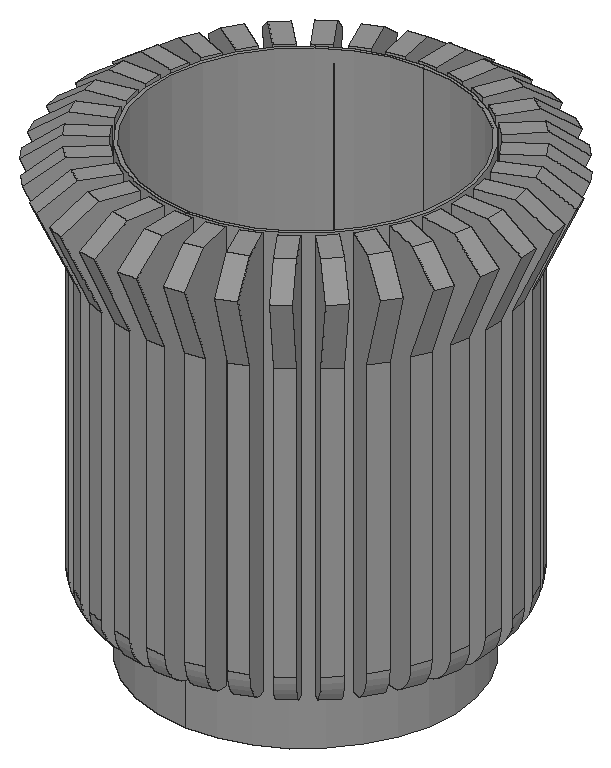
Revit family "12488 Цветочница деревянная «Колокол» Хоббика", category Антураж, Revit 2018
Family settings
  На основе рабочей плоскости = Нет
  Всегда вертикально = Да
  При загрузке вырезать с полостями = Нет
  Источник визуального образа = Геометрия семейства
  Общий = Нет
  Точка расчета площади = Нет
Parameters (values of type "Цветочница деревянная «Колокол»")
  Ширина = Диаметр  # 735 mm
  Цвет отделки = Дерево
  Описание = "Цветочница деревянная «Колокол»"  # constant formula
  Материал изделия = "Сталь, дерево, съемная оцинкованная вставка"  # constant formula
  Изображение типоразмера = Цветочница деревянная «Колокол» Арт 12488.jpg
  Изготовитель = "ООО «Хоббика»"  # constant formula
  Длина = Диаметр  # 735 mm
  Диаметр = 735 mm  # constant formula
  Группа модели = "Цветочницы и уличные вазоны для цветов"  # constant formula
  Высота = 760 mm  # constant formula
  Артикул товара = "Арт. 12488"  # constant formula
  URL = "https://hobbyka.ru/product/tsvetochnitsa_derevyanaya_kolokol"
Reference planes
  plane 1 "По центру (Вперед/Назад)": y = 0
  plane 2: z = 0
  plane 3 "По центру (Влево/Вправо)": x = 0
  plane 4: y = 735
  plane 5: x = 735
  plane 6: z = 760
Forms (mm)
  Extrusion 1, solid, material "Дерево" <- "Цвет отделки"
    sketch origin (0, 0, 0) x (0, 1, 0) y (0, 0, 1)
      loop
        line (55, 760) -> (0, 721.489) -> (59.167, 594.605) -> (59.167, 139.605)
        arc (59.167, 139.605) -> (75.735, 99.605) -> (115.735, 83.037) r 56.569
        line (115.735, 83.037) -> (115.735, 760) -> (55, 760)
    from 352.5 to 382.5
  Extrusion 2, solid, material "Дерево" <- "Цвет отделки"
    sketch origin (0, 735, 0) x (0, -1, 0) y (0, 0, -1)
      loop
        line (55, -760) -> (115.735, -760) -> (115.735, -83.037)
        arc (115.735, -83.037) -> (75.735, -99.605) -> (59.167, -139.605) r 56.569
        line (59.167, -139.605) -> (59.167, -594.605) -> (0, -721.489) -> (55, -760)
    from 352.5 to 382.5
  Extrusion 3, solid, material "Дерево" <- "Цвет отделки"
    sketch origin (735, 0, 0) x (-1, 0, 0) y (0, 0, 1)
      loop
        line (55, 760) -> (0, 721.489) -> (59.167, 594.605) -> (59.167, 139.605)
        arc (59.167, 139.605) -> (75.735, 99.605) -> (115.735, 83.037) r 56.569
        line (115.735, 83.037) -> (115.735, 760) -> (55, 760)
    from 352.5 to 382.5
  Extrusion 4, solid, material "Дерево" <- "Цвет отделки"
    sketch origin (0, 0, 0) x (1, 0, 0) y (0, 0, -1)
      loop
        line (55, -760) -> (115.735, -760) -> (115.735, -83.037)
        arc (115.735, -83.037) -> (75.735, -99.605) -> (59.167, -139.605) r 56.569
        line (59.167, -139.605) -> (59.167, -594.605) -> (0, -721.489) -> (55, -760)
    from 352.5 to 382.5
  Extrusion 5, solid, material "Дерево" <- "Цвет отделки"
    sketch origin (367.5, -152.223, 0) x (-0.707107, 0.707107, 0) y (0, 0, 1)
      loop
        line (55, 760) -> (0, 721.489) -> (59.167, 594.605) -> (59.167, 139.605)
        arc (59.167, 139.605) -> (75.735, 99.605) -> (115.735, 83.037) r 56.569
        line (115.735, 83.037) -> (115.735, 760) -> (55, 760)
    from 352.5 to 382.5
  Extrusion 6, solid, material "Дерево" <- "Цвет отделки"
    sketch origin (-152.223, 367.5, 0) x (0.707107, -0.707107, 0) y (0, 0, -1)
      loop
        line (55, -760) -> (115.735, -760) -> (115.735, -83.037)
        arc (115.735, -83.037) -> (75.735, -99.605) -> (59.167, -139.605) r 56.569
        line (59.167, -139.605) -> (59.167, -594.605) -> (0, -721.489) -> (55, -760)
    from 352.5 to 382.5
  Extrusion 7, solid, material "Дерево" <- "Цвет отделки"
    sketch origin (887.223, 367.5, 0) x (-0.707107, -0.707107, 0) y (0, 0, 1)
      loop
        line (55, 760) -> (0, 721.489) -> (59.167, 594.605) -> (59.167, 139.605)
        arc (59.167, 139.605) -> (75.735, 99.605) -> (115.735, 83.037) r 56.569
        line (115.735, 83.037) -> (115.735, 760) -> (55, 760)
    from 352.5 to 382.5
  Extrusion 8, solid, material "Дерево" <- "Цвет отделки"
    sketch origin (367.5, -152.223, 0) x (0.707107, 0.707107, 0) y (0, 0, -1)
      loop
        line (55, -760) -> (115.735, -760) -> (115.735, -83.037)
        arc (115.735, -83.037) -> (75.735, -99.605) -> (59.167, -139.605) r 56.569
        line (59.167, -139.605) -> (59.167, -594.605) -> (0, -721.489) -> (55, -760)
    from 352.5 to 382.5
  Extrusion 9, solid, material "Дерево" <- "Цвет отделки"
    sketch origin (168.61, -112.662, 0) x (-0.382683, 0.92388, 0) y (0, 0, 1)
      loop
        line (55, 760) -> (0, 721.489) -> (59.167, 594.605) -> (59.167, 139.605)
        arc (59.167, 139.605) -> (75.735, 99.605) -> (115.735, 83.037) r 56.569
        line (115.735, 83.037) -> (115.735, 760) -> (55, 760)
    from 352.5 to 382.5
  Extrusion 10, solid, material "Дерево" <- "Цвет отделки"
    sketch origin (-112.662, 566.39, 0) x (0.382683, -0.92388, 0) y (0, 0, -1)
      loop
        line (55, -760) -> (115.735, -760) -> (115.735, -83.037)
        arc (115.735, -83.037) -> (75.735, -99.605) -> (59.167, -139.605) r 56.569
        line (59.167, -139.605) -> (59.167, -594.605) -> (0, -721.489) -> (55, -760)
    from 352.5 to 382.5
  Extrusion 11, solid, material "Дерево" <- "Цвет отделки"
    sketch origin (847.662, 168.61, 0) x (-0.92388, -0.382683, 0) y (0, 0, 1)
      loop
        line (55, 760) -> (0, 721.489) -> (59.167, 594.605) -> (59.167, 139.605)
        arc (59.167, 139.605) -> (75.735, 99.605) -> (115.735, 83.037) r 56.569
        line (115.735, 83.037) -> (115.735, 760) -> (55, 760)
    from 352.5 to 382.5
  Extrusion 12, solid, material "Дерево" <- "Цвет отделки"
    sketch origin (168.61, -112.662, 0) x (0.92388, 0.382683, 0) y (0, 0, -1)
      loop
        line (55, -760) -> (115.735, -760) -> (115.735, -83.037)
        arc (115.735, -83.037) -> (75.735, -99.605) -> (59.167, -139.605) r 56.569
        line (59.167, -139.605) -> (59.167, -594.605) -> (0, -721.489) -> (55, -760)
    from 352.5 to 382.5
  Extrusion 13, solid, material "Дерево" <- "Цвет отделки"
    sketch origin (566.39, -112.662, 0) x (-0.92388, 0.382683, 0) y (0, 0, 1)
      loop
        line (55, 760) -> (0, 721.489) -> (59.167, 594.605) -> (59.167, 139.605)
        arc (59.167, 139.605) -> (75.735, 99.605) -> (115.735, 83.037) r 56.569
        line (115.735, 83.037) -> (115.735, 760) -> (55, 760)
    from 352.5 to 382.5
  Extrusion 14, solid, material "Дерево" <- "Цвет отделки"
    sketch origin (-112.662, 168.61, 0) x (0.92388, -0.382683, 0) y (0, 0, -1)
      loop
        line (55, -760) -> (115.735, -760) -> (115.735, -83.037)
        arc (115.735, -83.037) -> (75.735, -99.605) -> (59.167, -139.605) r 56.569
        line (59.167, -139.605) -> (59.167, -594.605) -> (0, -721.489) -> (55, -760)
    from 352.5 to 382.5
  Extrusion 15, solid, material "Дерево" <- "Цвет отделки"
    sketch origin (847.662, 566.39, 0) x (-0.382683, -0.92388, 0) y (0, 0, 1)
      loop
        line (55, 760) -> (0, 721.489) -> (59.167, 594.605) -> (59.167, 139.605)
        arc (59.167, 139.605) -> (75.735, 99.605) -> (115.735, 83.037) r 56.569
        line (115.735, 83.037) -> (115.735, 760) -> (55, 760)
    from 352.5 to 382.5
  Extrusion 16, solid, material "Дерево" <- "Цвет отделки"
    sketch origin (566.39, -112.662, 0) x (0.382683, 0.92388, 0) y (0, 0, -1)
      loop
        line (55, -760) -> (115.735, -760) -> (115.735, -83.037)
        arc (115.735, -83.037) -> (75.735, -99.605) -> (59.167, -139.605) r 56.569
        line (59.167, -139.605) -> (59.167, -594.605) -> (0, -721.489) -> (55, -760)
    from 352.5 to 382.5
  Extrusion 17, solid, material "Дерево" <- "Цвет отделки"
    sketch origin (78.757, -64.634, 0) x (-0.19509, 0.980785, 0) y (0, 0, 1)
      loop
        line (55, 760) -> (0, 721.489) -> (59.167, 594.605) -> (59.167, 139.605)
        arc (59.167, 139.605) -> (75.735, 99.605) -> (115.735, 83.037) r 56.569
        line (115.735, 83.037) -> (115.735, 760) -> (55, 760)
    from 352.5 to 382.5
  Extrusion 18, solid, material "Дерево" <- "Цвет отделки"
    sketch origin (-64.634, 656.243, 0) x (0.19509, -0.980785, 0) y (0, 0, -1)
      loop
        line (55, -760) -> (115.735, -760) -> (115.735, -83.037)
        arc (115.735, -83.037) -> (75.735, -99.605) -> (59.167, -139.605) r 56.569
        line (59.167, -139.605) -> (59.167, -594.605) -> (0, -721.489) -> (55, -760)
    from 352.5 to 382.5
  Extrusion 19, solid, material "Дерево" <- "Цвет отделки"
    sketch origin (799.634, 78.757, 0) x (-0.980785, -0.19509, 0) y (0, 0, 1)
      loop
        line (55, 760) -> (0, 721.489) -> (59.167, 594.605) -> (59.167, 139.605)
        arc (59.167, 139.605) -> (75.735, 99.605) -> (115.735, 83.037) r 56.569
        line (115.735, 83.037) -> (115.735, 760) -> (55, 760)
    from 352.5 to 382.5
  Extrusion 20, solid, material "Дерево" <- "Цвет отделки"
    sketch origin (78.757, -64.634, 0) x (0.980785, 0.19509, 0) y (0, 0, -1)
      loop
        line (55, -760) -> (115.735, -760) -> (115.735, -83.037)
        arc (115.735, -83.037) -> (75.735, -99.605) -> (59.167, -139.605) r 56.569
        line (59.167, -139.605) -> (59.167, -594.605) -> (0, -721.489) -> (55, -760)
    from 352.5 to 382.5
  Extrusion 21, solid, material "Дерево" <- "Цвет отделки"
    sketch origin (468.893, -142.237, 0) x (-0.83147, 0.55557, 0) y (0, 0, 1)
      loop
        line (55, 760) -> (0, 721.489) -> (59.167, 594.605) -> (59.167, 139.605)
        arc (59.167, 139.605) -> (75.735, 99.605) -> (115.735, 83.037) r 56.569
        line (115.735, 83.037) -> (115.735, 760) -> (55, 760)
    from 352.5 to 382.5
  Extrusion 22, solid, material "Дерево" <- "Цвет отделки"
    sketch origin (-142.237, 266.107, 0) x (0.83147, -0.55557, 0) y (0, 0, -1)
      loop
        line (55, -760) -> (115.735, -760) -> (115.735, -83.037)
        arc (115.735, -83.037) -> (75.735, -99.605) -> (59.167, -139.605) r 56.569
        line (59.167, -139.605) -> (59.167, -594.605) -> (0, -721.489) -> (55, -760)
    from 352.5 to 382.5
  Extrusion 23, solid, material "Дерево" <- "Цвет отделки"
    sketch origin (877.237, 468.893, 0) x (-0.55557, -0.83147, 0) y (0, 0, 1)
      loop
        line (55, 760) -> (0, 721.489) -> (59.167, 594.605) -> (59.167, 139.605)
        arc (59.167, 139.605) -> (75.735, 99.605) -> (115.735, 83.037) r 56.569
        line (115.735, 83.037) -> (115.735, 760) -> (55, 760)
    from 352.5 to 382.5
  Extrusion 24, solid, material "Дерево" <- "Цвет отделки"
    sketch origin (468.893, -142.237, 0) x (0.55557, 0.83147, 0) y (0, 0, -1)
      loop
        line (55, -760) -> (115.735, -760) -> (115.735, -83.037)
        arc (115.735, -83.037) -> (75.735, -99.605) -> (59.167, -139.605) r 56.569
        line (59.167, -139.605) -> (59.167, -594.605) -> (0, -721.489) -> (55, -760)
    from 352.5 to 382.5
  Extrusion 25, solid, material "Дерево" <- "Цвет отделки"
    sketch origin (266.107, -142.237, 0) x (-0.55557, 0.83147, 0) y (0, 0, 1)
      loop
        line (55, 760) -> (0, 721.489) -> (59.167, 594.605) -> (59.167, 139.605)
        arc (59.167, 139.605) -> (75.735, 99.605) -> (115.735, 83.037) r 56.569
        line (115.735, 83.037) -> (115.735, 760) -> (55, 760)
    from 352.5 to 382.5
  Extrusion 26, solid, material "Дерево" <- "Цвет отделки"
    sketch origin (-142.237, 468.893, 0) x (0.55557, -0.83147, 0) y (0, 0, -1)
      loop
        line (55, -760) -> (115.735, -760) -> (115.735, -83.037)
        arc (115.735, -83.037) -> (75.735, -99.605) -> (59.167, -139.605) r 56.569
        line (59.167, -139.605) -> (59.167, -594.605) -> (0, -721.489) -> (55, -760)
    from 352.5 to 382.5
  Extrusion 27, solid, material "Дерево" <- "Цвет отделки"
    sketch origin (877.237, 266.107, 0) x (-0.83147, -0.55557, 0) y (0, 0, 1)
      loop
        line (55, 760) -> (0, 721.489) -> (59.167, 594.605) -> (59.167, 139.605)
        arc (59.167, 139.605) -> (75.735, 99.605) -> (115.735, 83.037) r 56.569
        line (115.735, 83.037) -> (115.735, 760) -> (55, 760)
    from 352.5 to 382.5
  Extrusion 28, solid, material "Дерево" <- "Цвет отделки"
    sketch origin (266.107, -142.237, 0) x (0.83147, 0.55557, 0) y (0, 0, -1)
      loop
        line (55, -760) -> (115.735, -760) -> (115.735, -83.037)
        arc (115.735, -83.037) -> (75.735, -99.605) -> (59.167, -139.605) r 56.569
        line (59.167, -139.605) -> (59.167, -594.605) -> (0, -721.489) -> (55, -760)
    from 352.5 to 382.5
  Extrusion 29, solid, material "Дерево" <- "Цвет отделки"
    sketch origin (656.243, -64.634, 0) x (-0.980785, 0.19509, 0) y (0, 0, 1)
      loop
        line (55, 760) -> (0, 721.489) -> (59.167, 594.605) -> (59.167, 139.605)
        arc (59.167, 139.605) -> (75.735, 99.605) -> (115.735, 83.037) r 56.569
        line (115.735, 83.037) -> (115.735, 760) -> (55, 760)
    from 352.5 to 382.5
  Extrusion 30, solid, material "Дерево" <- "Цвет отделки"
    sketch origin (-64.634, 78.757, 0) x (0.980785, -0.19509, 0) y (0, 0, -1)
      loop
        line (55, -760) -> (115.735, -760) -> (115.735, -83.037)
        arc (115.735, -83.037) -> (75.735, -99.605) -> (59.167, -139.605) r 56.569
        line (59.167, -139.605) -> (59.167, -594.605) -> (0, -721.489) -> (55, -760)
    from 352.5 to 382.5
  Extrusion 31, solid, material "Дерево" <- "Цвет отделки"
    sketch origin (799.634, 656.243, 0) x (-0.19509, -0.980785, 0) y (0, 0, 1)
      loop
        line (55, 760) -> (0, 721.489) -> (59.167, 594.605) -> (59.167, 139.605)
        arc (59.167, 139.605) -> (75.735, 99.605) -> (115.735, 83.037) r 56.569
        line (115.735, 83.037) -> (115.735, 760) -> (55, 760)
    from 352.5 to 382.5
  Extrusion 32, solid, material "Дерево" <- "Цвет отделки"
    sketch origin (656.243, -64.634, 0) x (0.19509, 0.980785, 0) y (0, 0, -1)
      loop
        line (55, -760) -> (115.735, -760) -> (115.735, -83.037)
        arc (115.735, -83.037) -> (75.735, -99.605) -> (59.167, -139.605) r 56.569
        line (59.167, -139.605) -> (59.167, -594.605) -> (0, -721.489) -> (55, -760)
    from 352.5 to 382.5
  Revolve 33, solid, material "Сталь"
    sketch origin (367.5, 0, 0) x (0, 1, 0) y (0, 0, 1)
      loop
        line (367.5, 0) -> (367.5, 5) -> (125.735, 5) -> (125.735, 760) -> (120.735, 760) -> (120.735, 0) -> (367.5, 0)
      axis (367.5, 760) -> (367.5, 0)
    angle from 0 to 360
Lines and regions (mm)
  reference lines
    curve 1: circle (367.5, 367.5, 0) r 367.5 normal (0, 0, 1)
Dimensions and locks
  "Длина": plane 3 "По центру (Влево/Вправо)" to plane 5
  "Ширина": plane 4 to plane 1 "По центру (Вперед/Назад)"
  "Высота": plane 6 to plane 2
  "Диаметр": diameter of curve 1
  aligned and locked: level to plane 2
Automatic sketch dimensions
  Extrusion 1 sketch curve to plane 1 "По центру (Вперед/Назад)" = 0 mm
  Extrusion 1 sketch curve to plane 6 = 0 mm
  Extrusion 1 sketch curve to plane 1 "По центру (Вперед/Назад)" = 55 mm
  Extrusion 1 sketch curve to plane 1 "По центру (Вперед/Назад)" = 59.167 mm
  Extrusion 1 sketch curve to Extrusion 1 sketch curve = 56.569 mm
  Extrusion 1 sketch curve to plane 6 = 38.511 mm
  Extrusion 1 sketch curve to Extrusion 1 sketch curve = 126.883 mm
  level to Extrusion 1 sketch curve = 139.605 mm
  Extrusion 2 sketch curve to plane 4 = 0 mm
  Extrusion 2 sketch curve to plane 6 = 0 mm
  plane 4 to Extrusion 2 sketch curve = 55 mm
  plane 4 to Extrusion 2 sketch curve = 59.167 mm
  Extrusion 2 sketch curve to Extrusion 2 sketch curve = 56.569 mm
  plane 6 to Extrusion 2 sketch curve = 38.511 mm
  Extrusion 2 sketch curve to Extrusion 2 sketch curve = 126.883 mm
  Extrusion 2 sketch curve to level = 139.605 mm
  Extrusion 3 sketch curve to plane 5 = 0 mm
  Extrusion 3 sketch curve to plane 6 = 0 mm
  Extrusion 3 sketch curve to plane 5 = 55 mm
  Extrusion 3 sketch curve to plane 5 = 59.167 mm
  Extrusion 3 sketch curve to Extrusion 3 sketch curve = 56.569 mm
  Extrusion 3 sketch curve to plane 6 = 38.511 mm
  Extrusion 3 sketch curve to Extrusion 3 sketch curve = 126.883 mm
  level to Extrusion 3 sketch curve = 139.605 mm
  Extrusion 4 sketch curve to plane 3 "По центру (Влево/Вправо)" = 0 mm
  Extrusion 4 sketch curve to plane 6 = 0 mm
  plane 3 "По центру (Влево/Вправо)" to Extrusion 4 sketch curve = 55 mm
  plane 3 "По центру (Влево/Вправо)" to Extrusion 4 sketch curve = 59.167 mm
  Extrusion 4 sketch curve to Extrusion 4 sketch curve = 56.569 mm
  Extrusion 4 sketch curve to plane 6 = 38.511 mm
  Extrusion 4 sketch curve to Extrusion 4 sketch curve = 126.883 mm
  level to Extrusion 4 sketch curve = 139.605 mm
  plane 6 to Extrusion 5 sketch curve = 0 mm
  Extrusion 5 sketch curve to plane 6 = 38.511 mm
  Extrusion 5 sketch curve to Extrusion 5 sketch curve = 55 mm
  level to Extrusion 5 sketch curve = 139.605 mm
  Extrusion 5 sketch curve to Extrusion 5 sketch curve = 59.167 mm
  Extrusion 5 sketch curve to Extrusion 5 sketch curve = 56.569 mm
  Extrusion 5 sketch curve to Extrusion 5 sketch curve = 126.883 mm
  plane 6 to Extrusion 6 sketch curve = 0 mm
  Extrusion 6 sketch curve to plane 6 = 38.511 mm
  Extrusion 6 sketch curve to Extrusion 6 sketch curve = 55 mm
  level to Extrusion 6 sketch curve = 139.605 mm
  Extrusion 6 sketch curve to Extrusion 6 sketch curve = 59.167 mm
  Extrusion 6 sketch curve to Extrusion 6 sketch curve = 56.569 mm
  Extrusion 6 sketch curve to Extrusion 6 sketch curve = 126.883 mm
  plane 6 to Extrusion 7 sketch curve = 0 mm
  Extrusion 7 sketch curve to plane 6 = 38.511 mm
  Extrusion 7 sketch curve to Extrusion 7 sketch curve = 55 mm
  level to Extrusion 7 sketch curve = 139.605 mm
  Extrusion 7 sketch curve to Extrusion 7 sketch curve = 59.167 mm
  Extrusion 7 sketch curve to Extrusion 7 sketch curve = 56.569 mm
  Extrusion 7 sketch curve to Extrusion 7 sketch curve = 126.883 mm
  plane 6 to Extrusion 8 sketch curve = 0 mm
  Extrusion 8 sketch curve to plane 6 = 38.511 mm
  Extrusion 8 sketch curve to Extrusion 8 sketch curve = 55 mm
  level to Extrusion 8 sketch curve = 139.605 mm
  Extrusion 8 sketch curve to Extrusion 8 sketch curve = 59.167 mm
  Extrusion 8 sketch curve to Extrusion 8 sketch curve = 56.569 mm
  Extrusion 8 sketch curve to Extrusion 8 sketch curve = 126.883 mm
  plane 6 to Extrusion 9 sketch curve = 0 mm
  Extrusion 9 sketch curve to plane 6 = 38.511 mm
  Extrusion 9 sketch curve to Extrusion 9 sketch curve = 55 mm
  level to Extrusion 9 sketch curve = 139.605 mm
  Extrusion 9 sketch curve to Extrusion 9 sketch curve = 59.167 mm
  Extrusion 9 sketch curve to Extrusion 9 sketch curve = 56.569 mm
  Extrusion 9 sketch curve to Extrusion 9 sketch curve = 126.883 mm
  plane 6 to Extrusion 10 sketch curve = 0 mm
  Extrusion 10 sketch curve to plane 6 = 38.511 mm
  Extrusion 10 sketch curve to Extrusion 10 sketch curve = 55 mm
  level to Extrusion 10 sketch curve = 139.605 mm
  Extrusion 10 sketch curve to Extrusion 10 sketch curve = 59.167 mm
  Extrusion 10 sketch curve to Extrusion 10 sketch curve = 56.569 mm
  Extrusion 10 sketch curve to Extrusion 10 sketch curve = 126.883 mm
  plane 6 to Extrusion 11 sketch curve = 0 mm
  Extrusion 11 sketch curve to plane 6 = 38.511 mm
  Extrusion 11 sketch curve to Extrusion 11 sketch curve = 55 mm
  level to Extrusion 11 sketch curve = 139.605 mm
  Extrusion 11 sketch curve to Extrusion 11 sketch curve = 59.167 mm
  Extrusion 11 sketch curve to Extrusion 11 sketch curve = 56.569 mm
  Extrusion 11 sketch curve to Extrusion 11 sketch curve = 126.883 mm
  plane 6 to Extrusion 12 sketch curve = 0 mm
  Extrusion 12 sketch curve to plane 6 = 38.511 mm
  Extrusion 12 sketch curve to Extrusion 12 sketch curve = 55 mm
  level to Extrusion 12 sketch curve = 139.605 mm
  Extrusion 12 sketch curve to Extrusion 12 sketch curve = 59.167 mm
  Extrusion 12 sketch curve to Extrusion 12 sketch curve = 56.569 mm
  Extrusion 12 sketch curve to Extrusion 12 sketch curve = 126.883 mm
  plane 6 to Extrusion 13 sketch curve = 0 mm
  Extrusion 13 sketch curve to plane 6 = 38.511 mm
  Extrusion 13 sketch curve to Extrusion 13 sketch curve = 55 mm
  level to Extrusion 13 sketch curve = 139.605 mm
  Extrusion 13 sketch curve to Extrusion 13 sketch curve = 59.167 mm
  Extrusion 13 sketch curve to Extrusion 13 sketch curve = 56.569 mm
  Extrusion 13 sketch curve to Extrusion 13 sketch curve = 126.883 mm
  plane 6 to Extrusion 14 sketch curve = 0 mm
  Extrusion 14 sketch curve to plane 6 = 38.511 mm
  Extrusion 14 sketch curve to Extrusion 14 sketch curve = 55 mm
  level to Extrusion 14 sketch curve = 139.605 mm
  Extrusion 14 sketch curve to Extrusion 14 sketch curve = 59.167 mm
  Extrusion 14 sketch curve to Extrusion 14 sketch curve = 56.569 mm
  Extrusion 14 sketch curve to Extrusion 14 sketch curve = 126.883 mm
  plane 6 to Extrusion 15 sketch curve = 0 mm
  Extrusion 15 sketch curve to plane 6 = 38.511 mm
  Extrusion 15 sketch curve to Extrusion 15 sketch curve = 55 mm
  level to Extrusion 15 sketch curve = 139.605 mm
  Extrusion 15 sketch curve to Extrusion 15 sketch curve = 59.167 mm
  Extrusion 15 sketch curve to Extrusion 15 sketch curve = 56.569 mm
  Extrusion 15 sketch curve to Extrusion 15 sketch curve = 126.883 mm
  plane 6 to Extrusion 16 sketch curve = 0 mm
  Extrusion 16 sketch curve to plane 6 = 38.511 mm
  Extrusion 16 sketch curve to Extrusion 16 sketch curve = 55 mm
  level to Extrusion 16 sketch curve = 139.605 mm
  Extrusion 16 sketch curve to Extrusion 16 sketch curve = 59.167 mm
  Extrusion 16 sketch curve to Extrusion 16 sketch curve = 56.569 mm
  Extrusion 16 sketch curve to Extrusion 16 sketch curve = 126.883 mm
  plane 6 to Extrusion 17 sketch curve = 0 mm
  Extrusion 17 sketch curve to plane 6 = 38.511 mm
  Extrusion 17 sketch curve to Extrusion 17 sketch curve = 55 mm
  level to Extrusion 17 sketch curve = 139.605 mm
  Extrusion 17 sketch curve to Extrusion 17 sketch curve = 59.167 mm
  Extrusion 17 sketch curve to Extrusion 17 sketch curve = 56.569 mm
  Extrusion 17 sketch curve to Extrusion 17 sketch curve = 126.883 mm
  plane 6 to Extrusion 18 sketch curve = 0 mm
  Extrusion 18 sketch curve to plane 6 = 38.511 mm
  Extrusion 18 sketch curve to Extrusion 18 sketch curve = 55 mm
  level to Extrusion 18 sketch curve = 139.605 mm
  Extrusion 18 sketch curve to Extrusion 18 sketch curve = 59.167 mm
  Extrusion 18 sketch curve to Extrusion 18 sketch curve = 56.569 mm
  Extrusion 18 sketch curve to Extrusion 18 sketch curve = 126.883 mm
  plane 6 to Extrusion 19 sketch curve = 0 mm
  Extrusion 19 sketch curve to plane 6 = 38.511 mm
  Extrusion 19 sketch curve to Extrusion 19 sketch curve = 55 mm
  level to Extrusion 19 sketch curve = 139.605 mm
  Extrusion 19 sketch curve to Extrusion 19 sketch curve = 59.167 mm
  Extrusion 19 sketch curve to Extrusion 19 sketch curve = 56.569 mm
  Extrusion 19 sketch curve to Extrusion 19 sketch curve = 126.883 mm
  plane 6 to Extrusion 20 sketch curve = 0 mm
  Extrusion 20 sketch curve to plane 6 = 38.511 mm
  Extrusion 20 sketch curve to Extrusion 20 sketch curve = 55 mm
  level to Extrusion 20 sketch curve = 139.605 mm
  Extrusion 20 sketch curve to Extrusion 20 sketch curve = 59.167 mm
  Extrusion 20 sketch curve to Extrusion 20 sketch curve = 56.569 mm
  Extrusion 20 sketch curve to Extrusion 20 sketch curve = 126.883 mm
  plane 6 to Extrusion 21 sketch curve = 0 mm
  Extrusion 21 sketch curve to plane 6 = 38.511 mm
  Extrusion 21 sketch curve to Extrusion 21 sketch curve = 55 mm
  level to Extrusion 21 sketch curve = 139.605 mm
  Extrusion 21 sketch curve to Extrusion 21 sketch curve = 59.167 mm
  Extrusion 21 sketch curve to Extrusion 21 sketch curve = 56.569 mm
  Extrusion 21 sketch curve to Extrusion 21 sketch curve = 126.883 mm
  plane 6 to Extrusion 22 sketch curve = 0 mm
  Extrusion 22 sketch curve to plane 6 = 38.511 mm
  Extrusion 22 sketch curve to Extrusion 22 sketch curve = 55 mm
  level to Extrusion 22 sketch curve = 139.605 mm
  Extrusion 22 sketch curve to Extrusion 22 sketch curve = 59.167 mm
  Extrusion 22 sketch curve to Extrusion 22 sketch curve = 56.569 mm
  Extrusion 22 sketch curve to Extrusion 22 sketch curve = 126.883 mm
  plane 6 to Extrusion 23 sketch curve = 0 mm
  Extrusion 23 sketch curve to plane 6 = 38.511 mm
  Extrusion 23 sketch curve to Extrusion 23 sketch curve = 55 mm
  level to Extrusion 23 sketch curve = 139.605 mm
  Extrusion 23 sketch curve to Extrusion 23 sketch curve = 59.167 mm
  Extrusion 23 sketch curve to Extrusion 23 sketch curve = 56.569 mm
  Extrusion 23 sketch curve to Extrusion 23 sketch curve = 126.883 mm
  plane 6 to Extrusion 24 sketch curve = 0 mm
  Extrusion 24 sketch curve to plane 6 = 38.511 mm
  Extrusion 24 sketch curve to Extrusion 24 sketch curve = 55 mm
  level to Extrusion 24 sketch curve = 139.605 mm
  Extrusion 24 sketch curve to Extrusion 24 sketch curve = 59.167 mm
  Extrusion 24 sketch curve to Extrusion 24 sketch curve = 56.569 mm
  Extrusion 24 sketch curve to Extrusion 24 sketch curve = 126.883 mm
  plane 6 to Extrusion 25 sketch curve = 0 mm
  Extrusion 25 sketch curve to plane 6 = 38.511 mm
  Extrusion 25 sketch curve to Extrusion 25 sketch curve = 55 mm
  level to Extrusion 25 sketch curve = 139.605 mm
  Extrusion 25 sketch curve to Extrusion 25 sketch curve = 59.167 mm
  Extrusion 25 sketch curve to Extrusion 25 sketch curve = 56.569 mm
  Extrusion 25 sketch curve to Extrusion 25 sketch curve = 126.883 mm
  plane 6 to Extrusion 26 sketch curve = 0 mm
  Extrusion 26 sketch curve to plane 6 = 38.511 mm
  Extrusion 26 sketch curve to Extrusion 26 sketch curve = 55 mm
  level to Extrusion 26 sketch curve = 139.605 mm
  Extrusion 26 sketch curve to Extrusion 26 sketch curve = 59.167 mm
  Extrusion 26 sketch curve to Extrusion 26 sketch curve = 56.569 mm
  Extrusion 26 sketch curve to Extrusion 26 sketch curve = 126.883 mm
  plane 6 to Extrusion 27 sketch curve = 0 mm
  Extrusion 27 sketch curve to plane 6 = 38.511 mm
  Extrusion 27 sketch curve to Extrusion 27 sketch curve = 55 mm
  level to Extrusion 27 sketch curve = 139.605 mm
  Extrusion 27 sketch curve to Extrusion 27 sketch curve = 59.167 mm
  Extrusion 27 sketch curve to Extrusion 27 sketch curve = 56.569 mm
  Extrusion 27 sketch curve to Extrusion 27 sketch curve = 126.883 mm
  plane 6 to Extrusion 28 sketch curve = 0 mm
  Extrusion 28 sketch curve to plane 6 = 38.511 mm
  Extrusion 28 sketch curve to Extrusion 28 sketch curve = 55 mm
  level to Extrusion 28 sketch curve = 139.605 mm
  Extrusion 28 sketch curve to Extrusion 28 sketch curve = 59.167 mm
  Extrusion 28 sketch curve to Extrusion 28 sketch curve = 56.569 mm
  Extrusion 28 sketch curve to Extrusion 28 sketch curve = 126.883 mm
  plane 6 to Extrusion 29 sketch curve = 0 mm
  Extrusion 29 sketch curve to plane 6 = 38.511 mm
  Extrusion 29 sketch curve to Extrusion 29 sketch curve = 55 mm
  level to Extrusion 29 sketch curve = 139.605 mm
  Extrusion 29 sketch curve to Extrusion 29 sketch curve = 59.167 mm
  Extrusion 29 sketch curve to Extrusion 29 sketch curve = 56.569 mm
  Extrusion 29 sketch curve to Extrusion 29 sketch curve = 126.883 mm
  plane 6 to Extrusion 30 sketch curve = 0 mm
  Extrusion 30 sketch curve to plane 6 = 38.511 mm
  Extrusion 30 sketch curve to Extrusion 30 sketch curve = 55 mm
  level to Extrusion 30 sketch curve = 139.605 mm
  Extrusion 30 sketch curve to Extrusion 30 sketch curve = 59.167 mm
  Extrusion 30 sketch curve to Extrusion 30 sketch curve = 56.569 mm
  Extrusion 30 sketch curve to Extrusion 30 sketch curve = 126.883 mm
  plane 6 to Extrusion 31 sketch curve = 0 mm
  Extrusion 31 sketch curve to plane 6 = 38.511 mm
  Extrusion 31 sketch curve to Extrusion 31 sketch curve = 55 mm
  level to Extrusion 31 sketch curve = 139.605 mm
  Extrusion 31 sketch curve to Extrusion 31 sketch curve = 59.167 mm
  Extrusion 31 sketch curve to Extrusion 31 sketch curve = 56.569 mm
  Extrusion 31 sketch curve to Extrusion 31 sketch curve = 126.883 mm
  plane 6 to Extrusion 32 sketch curve = 0 mm
  Extrusion 32 sketch curve to plane 6 = 38.511 mm
  Extrusion 32 sketch curve to Extrusion 32 sketch curve = 55 mm
  level to Extrusion 32 sketch curve = 139.605 mm
  Extrusion 32 sketch curve to Extrusion 32 sketch curve = 59.167 mm
  Extrusion 32 sketch curve to Extrusion 32 sketch curve = 56.569 mm
  Extrusion 32 sketch curve to Extrusion 32 sketch curve = 126.883 mm
  Revolve 33 sketch curve to plane 6 = 0 mm
  Revolve 33 sketch curve to level = 0 mm  (x2)
  Revolve 33 sketch curve to plane 1 "По центру (Вперед/Назад)" = 120.735 mm
  Revolve 33 sketch curve to Revolve 33 sketch curve = 5 mm
  Revolve 33 sketch curve to Revolve 33 sketch curve = 241.765 mm
  level to Revolve 33 sketch curve = 5 mm
  Revolve 33 sketch curve to Revolve 33 sketch curve = 0 mm
  plane 6 to Revolve 33 sketch curve = 200 mm
  plane 3 "По центру (Влево/Вправо)" to curve 1 = 367.5 mm
  curve 1 to plane 1 "По центру (Вперед/Назад)" = 367.5 mm
